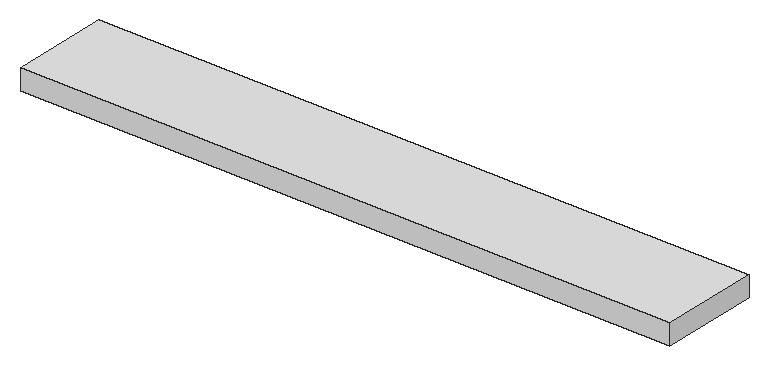
Revit family "11-TRIMBOARD-AND-STEALTH-TRIM-CADS-112-Trimboard-8-4x8-4-REVIT_Versatex-Generic-Model-8-4in-x-8in-TRIMBOARD", category Generic Models, host Face, Revit 2026
Family settings
  Host = Face
  Can host rebar = No
  Round Connector Dimension = Use Diameter
  Part Type = Normal
  Cut with Voids When Loaded = No
  Maintain Annotation Orientation = No
  Shared = No
  Room Calculation Point = No
Parameters
  Model = "TBSM840818"
  Length = 4' - 0"
  Warranty = "https://versatex.com/warranty/"
  URL = "https://versatex.com/"
  Specification = "https://www.arcat.com/company/versatex-45716/spec?coid=45716"
  Sales Information = "https://versatex.com/dealer-locator/"
  Message Manufacturer = "https://versatex.com/contact/"
  Material = Versatex PVC - Smooth
  Manufacturer Website = "https://versatex.com/"
  Manufacturer Phone = "724-857-1111"
  Manufacturer Fax = "724-857-1171"
  Manufacturer Address = "400 Steel Street, Aliquippa, PA 15001"
  Manufacturer = "Versatex"
  Literature = "https://versatex.com/literature/?_sft_literature_category=cads"
  Description = "NOMINAL 8/4” x 8” TRIMBOARD"
  Default Elevation = 4' - 0"
  Copyright = "© 2024 VERSATEX Building Products, LLC"
Reference planes (in)
  plane 1 "Center (Front/Back)": y = 0
  plane 2: z = 0
  plane 3 "Center (Left/Right)": x = 0
  plane 4: x = 24
  plane 5: x = -24
Forms (in)
  Sweep 1, solid, material "Versatex PVC - Smooth" <- "Material"
    path origin (0, 0, 0) x (1, 0, 0) y (0, 1, 0)
      loop
        line (-24, 0) -> (24, 0)
    profile "Versatex_Profile_8-4” x 8” TRIMBOARD : Versatex_Profile_8-4” x 8” TRIMBOARD" origin (0, 0, 0) x (0, 1, 0) y (0, 0, 1)
      loop
        line (0, 0) -> (7.25, 0) -> (7.25, 1.5) -> (0, 1.5) -> (0, 0)
Dimensions and locks (in)
  "Length": plane 5 to plane 4
  equal spacing: plane 5, plane 3 "Center (Left/Right)", plane 4, locked at 24 each
  aligned and locked: plane 2 to host face
  aligned and locked: level to host face
Automatic sketch dimensions
  host sketch curve to host sketch curve = 8' - 0"  (x2)
  plane 1 "Center (Front/Back)" to Sweep 1 sketch curve = 0' - 0"
  Sweep 1 sketch curve to plane 5 = 0' - 0"
  Sweep 1 sketch curve to plane 4 = 0' - 0"
